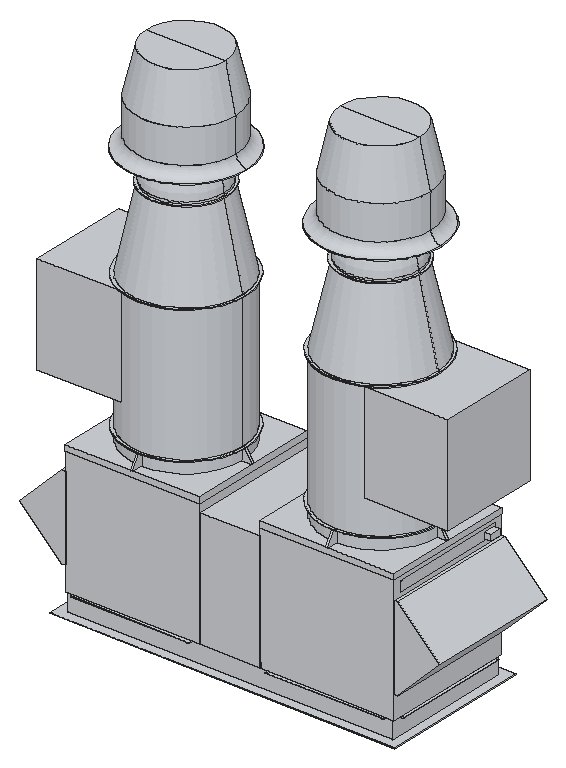
Revit family "QMXVP_with_1X2_Mixing_Box_Ends", category Mechanical Equipment, Revit 2019 (continued)
Types (225): name | UNIT_RADIUS+4" | UNIT_RADIUS*.6 | UNIT_RADIUS | UNIT_RAD+((A/2)+.25")+4" | UNIT_RAD+((A/2)+.25") | UNIT_OD | UNIT_HEIGHT*.75 | UNIT_HEIGHT | TYPE | TRANSITION_TOP | RO2/2 | RO/2 | RO | NOZZLE_WB_RAD-2" | NOZZLE_WB_RAD | NOZZLE_WB/4 | NOZZLE_TOP_RAD | NOZZLE_TOP_OD | NOZZLE_SIZE | NOZZLE_HEIGHT/7*2 | NOZZLE_HEIGHT | NOZZLE_BOTTOM_RAD | NOZZLE_WB_OD | NOZZLE_BOTTOM_ID | MB_HT/2 | MB_HT-2.75" | MB_HT+.25" | MB_HT | MB_A | LONG_RO/2 | LONG_RO | GA | E | DUAL_G | DUAL_F+1" | DUAL_F | C/2 | C | B/2 | B | A/2 | A+.5 | A | Type Comments | Model | -A | (NOZZLE_WB_OD-NOZZLE_TOP_OD)/2 | (NOZZLE_HEIGHT-(NOZZLE_HEIGHT/8*2))/2 | (A/2)-2" | (A/2)-.5" | (A/2)+.5" | (A/2)+.25"
  202_QMXVP-18L-1X2_Mixing_Box_Ends | 18 3/8" | 12 15/16" | 14 3/8" | 37 5/8" | 33 5/8" | 28 3/4" | 28 1/8" | 37 1/2" | 0" | 51 5/8" | 15 3/8" | 15 3/8" | 30 3/4" | 19 1/2" | 21 1/2" | 8.6" | 13 3/4" | 27 1/2" | 216" | 12" | 48" | 12 13/16" | 43" | 25 5/8" | 20 19/32" | 38 7/16" | 41 7/16" | 41 3/16" | 49" | 41 7/16" | 82 7/8" | 27/256" | 36 15/16" | 89 1/8" | 91" | 90" | 25" | 50" | 52" | 104" | 19" | 38 1/2" | 38" | "Vari-Plume Laboratory Exhaust Mixed-Flow Inline Belt Drive With 1X2 Mixing Box With Weather Hoods On Sides\r\n" | "QMXVP-1X2_Mixing Box_Sides" | -38" | 3 7/8" | 18" | 17" | -18 1/2" | -19 1/2" | 19 1/4"
  202_QMXVP-18H-1X2_Mixing_Box_Ends | 18 3/8" | 12 15/16" | 14 3/8" | 37 5/8" | 33 5/8" | 28 3/4" | 28 1/8" | 37 1/2" | 0" | 51 5/8" | 15 3/8" | 15 3/8" | 30 3/4" | 19 1/2" | 21 1/2" | 8.6" | 13 3/4" | 27 1/2" | 216" | 12" | 48" | 12 13/16" | 43" | 25 5/8" | 20 19/32" | 38 7/16" | 41 7/16" | 41 3/16" | 49" | 41 7/16" | 82 7/8" | 27/256" | 36 15/16" | 89 1/8" | 91" | 90" | 25" | 50" | 52" | 104" | 19" | 38 1/2" | 38" | "Vari-Plume Laboratory Exhaust Mixed-Flow Inline Belt Drive With 1X2 Mixing Box With Weather Hoods On Sides\r\n" | "QMXVP-1X2_Mixing Box_Sides" | -38" | 3 7/8" | 18" | 17" | -18 1/2" | -19 1/2" | 19 1/4"
  225_QMXVP-12L-1X2_Mixing_Box_Ends | 19 31/32" | 14.37188" | 15 31/32" | 41 7/32" | 37 7/32" | 31 15/16" | 30 3/4" | 41" | 0" | 77 1/16" | 17 3/8" | 17 3/8" | 34 3/4" | 12" | 14" | 5.6" | 9 3/4" | 19 1/2" | 144" | 8" | 32" | 8 17/32" | 28" | 17 1/16" | 21 19/32" | 40 7/16" | 43 7/16" | 43 3/16" | 54" | 42 15/16" | 85 7/8" | 27/256" | 40 15/16" | 92 1/8" | 94" | 93" | 28" | 56" | 56 1/2" | 113" | 21" | 42 1/2" | 42" | "Vari-Plume Laboratory Exhaust Mixed-Flow Inline Belt Drive With 1X2 Mixing Box With Weather Hoods On Sides\r\n" | "QMXVP-1X2_Mixing Box_Sides" | -42" | 2 1/8" | 12" | 19" | -20 1/2" | -21 1/2" | 21 1/4"
  225_QMXVP-12H-1X2_Mixing_Box_Ends | 19 31/32" | 14.37188" | 15 31/32" | 41 7/32" | 37 7/32" | 31 15/16" | 30 3/4" | 41" | 0" | 77 1/16" | 17 3/8" | 17 3/8" | 34 3/4" | 12" | 14" | 5.6" | 9 3/4" | 19 1/2" | 144" | 8" | 32" | 8 17/32" | 28" | 17 1/16" | 21 19/32" | 40 7/16" | 43 7/16" | 43 3/16" | 54" | 42 15/16" | 85 7/8" | 27/256" | 40 15/16" | 92 1/8" | 94" | 93" | 28" | 56" | 56 1/2" | 113" | 21" | 42 1/2" | 42" | "Vari-Plume Laboratory Exhaust Mixed-Flow Inline Belt Drive With 1X2 Mixing Box With Weather Hoods On Sides\r\n" | "QMXVP-1X2_Mixing Box_Sides" | -42" | 2 1/8" | 12" | 19" | -20 1/2" | -21 1/2" | 21 1/4"
  225_QMXVP-15L-1X2_Mixing_Box_Ends | 19 31/32" | 14.37188" | 15 31/32" | 41 7/32" | 37 7/32" | 31 15/16" | 30 3/4" | 41" | 0" | 69 1/8" | 17 3/8" | 17 3/8" | 34 3/4" | 16" | 18" | 7.2" | 11 1/2" | 23" | 180" | 10 3/4" | 43" | 10 11/16" | 36" | 21 3/8" | 21 19/32" | 40 7/16" | 43 7/16" | 43 3/16" | 54" | 42 15/16" | 85 7/8" | 27/256" | 40 15/16" | 92 1/8" | 94" | 93" | 28" | 56" | 56 1/2" | 113" | 21" | 42 1/2" | 42" | "Vari-Plume Laboratory Exhaust Mixed-Flow Inline Belt Drive With 1X2 Mixing Box With Weather Hoods On Sides\r\n" | "QMXVP-1X2_Mixing Box_Sides" | -42" | 3 1/4" | 16 1/8" | 19" | -20 1/2" | -21 1/2" | 21 1/4"
  225_QMXVP-15H-1X2_Mixing_Box_Ends | 19 31/32" | 14.37188" | 15 31/32" | 41 7/32" | 37 7/32" | 31 15/16" | 30 3/4" | 41" | 0" | 69 1/8" | 17 3/8" | 17 3/8" | 34 3/4" | 16" | 18" | 7.2" | 11 1/2" | 23" | 180" | 10 3/4" | 43" | 10 11/16" | 36" | 21 3/8" | 21 19/32" | 40 7/16" | 43 7/16" | 43 3/16" | 54" | 42 15/16" | 85 7/8" | 27/256" | 40 15/16" | 92 1/8" | 94" | 93" | 28" | 56" | 56 1/2" | 113" | 21" | 42 1/2" | 42" | "Vari-Plume Laboratory Exhaust Mixed-Flow Inline Belt Drive With 1X2 Mixing Box With Weather Hoods On Sides\r\n" | "QMXVP-1X2_Mixing Box_Sides" | -42" | 3 1/4" | 16 1/8" | 19" | -20 1/2" | -21 1/2" | 21 1/4"
  225_QMXVP-18L-1X2_Mixing_Box_Ends | 19 31/32" | 14.37188" | 15 31/32" | 41 7/32" | 37 7/32" | 31 15/16" | 30 3/4" | 41" | 0" | 61 1/8" | 17 3/8" | 17 3/8" | 34 3/4" | 19 1/2" | 21 1/2" | 8.6" | 13 3/4" | 27 1/2" | 216" | 12" | 48" | 12 13/16" | 43" | 25 5/8" | 21 19/32" | 40 7/16" | 43 7/16" | 43 3/16" | 54" | 42 15/16" | 85 7/8" | 27/256" | 40 15/16" | 92 1/8" | 94" | 93" | 28" | 56" | 56 1/2" | 113" | 21" | 42 1/2" | 42" | "Vari-Plume Laboratory Exhaust Mixed-Flow Inline Belt Drive With 1X2 Mixing Box With Weather Hoods On Sides\r\n" | "QMXVP-1X2_Mixing Box_Sides" | -42" | 3 7/8" | 18" | 19" | -20 1/2" | -21 1/2" | 21 1/4"
  245_QMXVP-15L-1X2_Mixing_Box_Ends | 21 3/8" | 15.6375" | 17 3/8" | 43 5/8" | 39 5/8" | 34 3/4" | 33 3/8" | 44 1/2" | 0" | 77 11/16" | 18 3/8" | 18 3/8" | 36 3/4" | 16" | 18" | 7.2" | 11 1/2" | 23" | 180" | 10 3/4" | 43" | 10 11/16" | 36" | 21 3/8" | 22 23/32" | 42 11/16" | 45 11/16" | 45 7/16" | 57" | 50 7/16" | 100 7/8" | 27/256" | 42 15/16" | 107 1/8" | 109" | 108" | 29 1/2" | 59" | 60 1/2" | 121" | 22" | 44 1/2" | 44" | "Vari-Plume Laboratory Exhaust Mixed-Flow Inline Belt Drive With 1X2 Mixing Box With Weather Hoods On Sides\r\n" | "QMXVP-1X2_Mixing Box_Sides" | -44" | 3 1/4" | 16 1/8" | 20" | -21 1/2" | -22 1/2" | 22 1/4"
  245_QMXVP-15H-1X2_Mixing_Box_Ends | 21 3/8" | 15.6375" | 17 3/8" | 43 5/8" | 39 5/8" | 34 3/4" | 33 3/8" | 44 1/2" | 0" | 77 11/16" | 18 3/8" | 18 3/8" | 36 3/4" | 16" | 18" | 7.2" | 11 1/2" | 23" | 180" | 10 3/4" | 43" | 10 11/16" | 36" | 21 3/8" | 22 23/32" | 42 11/16" | 45 11/16" | 45 7/16" | 57" | 50 7/16" | 100 7/8" | 27/256" | 42 15/16" | 107 1/8" | 109" | 108" | 29 1/2" | 59" | 60 1/2" | 121" | 22" | 44 1/2" | 44" | "Vari-Plume Laboratory Exhaust Mixed-Flow Inline Belt Drive With 1X2 Mixing Box With Weather Hoods On Sides\r\n" | "QMXVP-1X2_Mixing Box_Sides" | -44" | 3 1/4" | 16 1/8" | 20" | -21 1/2" | -22 1/2" | 22 1/4"
  245_QMXVP-18L-1X2_Mixing_Box_Ends | 21 3/8" | 15.6375" | 17 3/8" | 43 5/8" | 39 5/8" | 34 3/4" | 33 3/8" | 44 1/2" | 0" | 69 11/16" | 18 3/8" | 18 3/8" | 36 3/4" | 19 1/2" | 21 1/2" | 8.6" | 13 3/4" | 27 1/2" | 216" | 12" | 48" | 12 13/16" | 43" | 25 5/8" | 22 23/32" | 42 11/16" | 45 11/16" | 45 7/16" | 57" | 50 7/16" | 100 7/8" | 27/256" | 42 15/16" | 107 1/8" | 109" | 108" | 29 1/2" | 59" | 60 1/2" | 121" | 22" | 44 1/2" | 44" | "Vari-Plume Laboratory Exhaust Mixed-Flow Inline Belt Drive With 1X2 Mixing Box With Weather Hoods On Sides\r\n" | "QMXVP-1X2_Mixing Box_Sides" | -44" | 3 7/8" | 18" | 20" | -21 1/2" | -22 1/2" | 22 1/4"
  245_QMXVP-18H-1X2_Mixing_Box_Ends | 21 3/8" | 15.6375" | 17 3/8" | 43 5/8" | 39 5/8" | 34 3/4" | 33 3/8" | 44 1/2" | 0" | 69 11/16" | 18 3/8" | 18 3/8" | 36 3/4" | 19 1/2" | 21 1/2" | 8.6" | 13 3/4" | 27 1/2" | 216" | 12" | 48" | 12 13/16" | 43" | 25 5/8" | 22 23/32" | 42 11/16" | 45 11/16" | 45 7/16" | 57" | 50 7/16" | 100 7/8" | 27/256" | 42 15/16" | 107 1/8" | 109" | 108" | 29 1/2" | 59" | 60 1/2" | 121" | 22" | 44 1/2" | 44" | "Vari-Plume Laboratory Exhaust Mixed-Flow Inline Belt Drive With 1X2 Mixing Box With Weather Hoods On Sides\r\n" | "QMXVP-1X2_Mixing Box_Sides" | -44" | 3 7/8" | 18" | 20" | -21 1/2" | -22 1/2" | 22 1/4"
  245_QMXVP-24L-1X2_Mixing_Box_Ends | 21 3/8" | 15.6375" | 17 3/8" | 43 5/8" | 39 5/8" | 34 3/4" | 33 3/8" | 44 1/2" | 0" | 57 3/4" | 18 3/8" | 18 3/8" | 36 3/4" | 28 1/2" | 30 1/2" | 12.2" | 18 1/4" | 36 1/2" | 288" | 15 1/2" | 62" | 17 3/8" | 61" | 34 3/4" | 22 23/32" | 42 11/16" | 45 11/16" | 45 7/16" | 57" | 50 7/16" | 100 7/8" | 27/256" | 42 15/16" | 107 1/8" | 109" | 108" | 29 1/2" | 59" | 60 1/2" | 121" | 22" | 44 1/2" | 44" | "Vari-Plume Laboratory Exhaust Mixed-Flow Inline Belt Drive With 1X2 Mixing Box With Weather Hoods On Sides\r\n" | "QMXVP-1X2_Mixing Box_Sides" | -44" | 6 1/8" | 23 1/4" | 20" | -21 1/2" | -22 1/2" | 22 1/4"
  245_QMXVP-24H-1X2_Mixing_Box_Ends | 21 3/8" | 15.6375" | 17 3/8" | 43 5/8" | 39 5/8" | 34 3/4" | 33 3/8" | 44 1/2" | 0" | 57 3/4" | 18 3/8" | 18 3/8" | 36 3/4" | 28 1/2" | 30 1/2" | 12.2" | 18 1/4" | 36 1/2" | 288" | 15 1/2" | 62" | 17 3/8" | 61" | 34 3/4" | 22 23/32" | 42 11/16" | 45 11/16" | 45 7/16" | 57" | 50 7/16" | 100 7/8" | 27/256" | 42 15/16" | 107 1/8" | 109" | 108" | 29 1/2" | 59" | 60 1/2" | 121" | 22" | 44 1/2" | 44" | "Vari-Plume Laboratory Exhaust Mixed-Flow Inline Belt Drive With 1X2 Mixing Box With Weather Hoods On Sides\r\n" | "QMXVP-1X2_Mixing Box_Sides" | -44" | 6 1/8" | 23 1/4" | 20" | -21 1/2" | -22 1/2" | 22 1/4"
  270_QMXVP-15L-1X2_Mixing_Box_Ends | 23 5/32" | 17.24063" | 19 5/32" | 47 13/32" | 43 13/32" | 38 5/16" | 35 1/4" | 47" | 0" | 86 3/16" | 20 3/8" | 20 3/8" | 40 3/4" | 16" | 18" | 7.2" | 11 1/2" | 23" | 180" | 10 3/4" | 43" | 10 11/16" | 36" | 21 3/8" | 23 19/32" | 44 7/16" | 47 7/16" | 47 3/16" | 62" | 52 7/16" | 104 7/8" | 27/256" | 46 15/16" | 111 1/8" | 113" | 112" | 31 1/2" | 63" | 64" | 128" | 24" | 48 1/2" | 48" | "Vari-Plume Laboratory Exhaust Mixed-Flow Inline Belt Drive With 1X2 Mixing Box With Weather Hoods On Sides\r\n" | "QMXVP-1X2_Mixing Box_Sides" | -48" | 3 1/4" | 16 1/8" | 22" | -23 1/2" | -24 1/2" | 24 1/4"
  270_QMXVP-15H-1X2_Mixing_Box_Ends | 23 5/32" | 17.24063" | 19 5/32" | 47 13/32" | 43 13/32" | 38 5/16" | 35 1/4" | 47" | 0" | 86 3/16" | 20 3/8" | 20 3/8" | 40 3/4" | 16" | 18" | 7.2" | 11 1/2" | 23" | 180" | 10 3/4" | 43" | 10 11/16" | 36" | 21 3/8" | 23 19/32" | 44 7/16" | 47 7/16" | 47 3/16" | 62" | 52 7/16" | 104 7/8" | 27/256" | 46 15/16" | 111 1/8" | 113" | 112" | 31 1/2" | 63" | 64" | 128" | 24" | 48 1/2" | 48" | "Vari-Plume Laboratory Exhaust Mixed-Flow Inline Belt Drive With 1X2 Mixing Box With Weather Hoods On Sides\r\n" | "QMXVP-1X2_Mixing Box_Sides" | -48" | 3 1/4" | 16 1/8" | 22" | -23 1/2" | -24 1/2" | 24 1/4"
  270_QMXVP-18L-1X2_Mixing_Box_Ends | 23 5/32" | 17.24063" | 19 5/32" | 47 13/32" | 43 13/32" | 38 5/16" | 35 1/4" | 47" | 0" | 79 3/16" | 20 3/8" | 20 3/8" | 40 3/4" | 19 1/2" | 21 1/2" | 8.6" | 13 3/4" | 27 1/2" | 216" | 12" | 48" | 12 13/16" | 43" | 25 5/8" | 23 19/32" | 44 7/16" | 47 7/16" | 47 3/16" | 62" | 52 7/16" | 104 7/8" | 27/256" | 46 15/16" | 111 1/8" | 113" | 112" | 31 1/2" | 63" | 64" | 128" | 24" | 48 1/2" | 48" | "Vari-Plume Laboratory Exhaust Mixed-Flow Inline Belt Drive With 1X2 Mixing Box With Weather Hoods On Sides\r\n" | "QMXVP-1X2_Mixing Box_Sides" | -48" | 3 7/8" | 18" | 22" | -23 1/2" | -24 1/2" | 24 1/4"
  270_QMXVP-18H-1X2_Mixing_Box_Ends | 23 5/32" | 17.24063" | 19 5/32" | 47 13/32" | 43 13/32" | 38 5/16" | 35 1/4" | 47" | 0" | 79 3/16" | 20 3/8" | 20 3/8" | 40 3/4" | 19 1/2" | 21 1/2" | 8.6" | 13 3/4" | 27 1/2" | 216" | 12" | 48" | 12 13/16" | 43" | 25 5/8" | 23 19/32" | 44 7/16" | 47 7/16" | 47 3/16" | 62" | 52 7/16" | 104 7/8" | 27/256" | 46 15/16" | 111 1/8" | 113" | 112" | 31 1/2" | 63" | 64" | 128" | 24" | 48 1/2" | 48" | "Vari-Plume Laboratory Exhaust Mixed-Flow Inline Belt Drive With 1X2 Mixing Box With Weather Hoods On Sides\r\n" | "QMXVP-1X2_Mixing Box_Sides" | -48" | 3 7/8" | 18" | 22" | -23 1/2" | -24 1/2" | 24 1/4"
  270_QMXVP-24L-1X2_Mixing_Box_Ends | 23 5/32" | 17.24063" | 19 5/32" | 47 13/32" | 43 13/32" | 38 5/16" | 35 1/4" | 47" | 0" | 62 1/4" | 20 3/8" | 20 3/8" | 40 3/4" | 28 1/2" | 30 1/2" | 12.2" | 18 1/4" | 36 1/2" | 288" | 15 1/2" | 62" | 17 3/8" | 61" | 34 3/4" | 23 19/32" | 44 7/16" | 47 7/16" | 47 3/16" | 62" | 52 7/16" | 104 7/8" | 27/256" | 46 15/16" | 111 1/8" | 113" | 112" | 31 1/2" | 63" | 64" | 128" | 24" | 48 1/2" | 48" | "Vari-Plume Laboratory Exhaust Mixed-Flow Inline Belt Drive With 1X2 Mixing Box With Weather Hoods On Sides\r\n" | "QMXVP-1X2_Mixing Box_Sides" | -48" | 6 1/8" | 23 1/4" | 22" | -23 1/2" | -24 1/2" | 24 1/4"
  270_QMXVP-24H-1X2_Mixing_Box_Ends | 23 5/32" | 17.24063" | 19 5/32" | 47 13/32" | 43 13/32" | 38 5/16" | 35 1/4" | 47" | 0" | 62 1/4" | 20 3/8" | 20 3/8" | 40 3/4" | 28 1/2" | 30 1/2" | 12.2" | 18 1/4" | 36 1/2" | 288" | 15 1/2" | 62" | 17 3/8" | 61" | 34 3/4" | 23 19/32" | 44 7/16" | 47 7/16" | 47 3/16" | 62" | 52 7/16" | 104 7/8" | 27/256" | 46 15/16" | 111 1/8" | 113" | 112" | 31 1/2" | 63" | 64" | 128" | 24" | 48 1/2" | 48" | "Vari-Plume Laboratory Exhaust Mixed-Flow Inline Belt Drive With 1X2 Mixing Box With Weather Hoods On Sides\r\n" | "QMXVP-1X2_Mixing Box_Sides" | -48" | 6 1/8" | 23 1/4" | 22" | -23 1/2" | -24 1/2" | 24 1/4"
  300_QMXVP-18L-1X2_Mixing_Box_Ends | 25 1/4" | 19 1/8" | 21 1/4" | 51 1/2" | 47 1/2" | 42 1/2" | 40 1/2" | 54" | 0" | 94 3/16" | 22 3/8" | 22 3/8" | 44 3/4" | 19 1/2" | 21 1/2" | 8.6" | 13 3/4" | 27 1/2" | 216" | 12" | 48" | 12 13/16" | 43" | 25 5/8" | 25 7/32" | 47 11/16" | 50 11/16" | 50 7/16" | 68" | 62 7/16" | 124 7/8" | 27/256" | 50 15/16" | 131 1/8" | 133" | 132" | 33 1/2" | 67" | 74" | 148" | 26" | 52 1/2" | 52" | "Vari-Plume Laboratory Exhaust Mixed-Flow Inline Belt Drive With 1X2 Mixing Box With Weather Hoods On Sides\r\n" | "QMXVP-1X2_Mixing Box_Sides" | -52" | 3 7/8" | 18" | 24" | -25 1/2" | -26 1/2" | 26 1/4"
  300_QMXVP-18H-1X2_Mixing_Box_Ends | 25 1/4" | 19 1/8" | 21 1/4" | 51 1/2" | 47 1/2" | 42 1/2" | 40 1/2" | 54" | 0" | 94 3/16" | 22 3/8" | 22 3/8" | 44 3/4" | 19 1/2" | 21 1/2" | 8.6" | 13 3/4" | 27 1/2" | 216" | 12" | 48" | 12 13/16" | 43" | 25 5/8" | 25 7/32" | 47 11/16" | 50 11/16" | 50 7/16" | 68" | 62 7/16" | 124 7/8" | 27/256" | 50 15/16" | 131 1/8" | 133" | 132" | 33 1/2" | 67" | 74" | 148" | 26" | 52 1/2" | 52" | "Vari-Plume Laboratory Exhaust Mixed-Flow Inline Belt Drive With 1X2 Mixing Box With Weather Hoods On Sides\r\n" | "QMXVP-1X2_Mixing Box_Sides" | -52" | 3 7/8" | 18" | 24" | -25 1/2" | -26 1/2" | 26 1/4"
  300_QMXVP-24L-1X2_Mixing_Box_Ends | 25 1/4" | 19 1/8" | 21 1/4" | 51 1/2" | 47 1/2" | 42 1/2" | 40 1/2" | 54" | 0" | 77 1/4" | 22 3/8" | 22 3/8" | 44 3/4" | 28 1/2" | 30 1/2" | 12.2" | 18 1/4" | 36 1/2" | 288" | 15 1/2" | 62" | 17 3/8" | 61" | 34 3/4" | 25 7/32" | 47 11/16" | 50 11/16" | 50 7/16" | 68" | 62 7/16" | 124 7/8" | 27/256" | 50 15/16" | 131 1/8" | 133" | 132" | 33 1/2" | 67" | 74" | 148" | 26" | 52 1/2" | 52" | "Vari-Plume Laboratory Exhaust Mixed-Flow Inline Belt Drive With 1X2 Mixing Box With Weather Hoods On Sides\r\n" | "QMXVP-1X2_Mixing Box_Sides" | -52" | 6 1/8" | 23 1/4" | 24" | -25 1/2" | -26 1/2" | 26 1/4"
  300_QMXVP-24H-1X2_Mixing_Box_Ends | 25 1/4" | 19 1/8" | 21 1/4" | 51 1/2" | 47 1/2" | 42 1/2" | 40 1/2" | 54" | 0" | 77 1/4" | 22 3/8" | 22 3/8" | 44 3/4" | 28 1/2" | 30 1/2" | 12.2" | 18 1/4" | 36 1/2" | 288" | 15 1/2" | 62" | 17 3/8" | 61" | 34 3/4" | 25 7/32" | 47 11/16" | 50 11/16" | 50 7/16" | 68" | 62 7/16" | 124 7/8" | 27/256" | 50 15/16" | 131 1/8" | 133" | 132" | 33 1/2" | 67" | 74" | 148" | 26" | 52 1/2" | 52" | "Vari-Plume Laboratory Exhaust Mixed-Flow Inline Belt Drive With 1X2 Mixing Box With Weather Hoods On Sides\r\n" | "QMXVP-1X2_Mixing Box_Sides" | -52" | 6 1/8" | 23 1/4" | 24" | -25 1/2" | -26 1/2" | 26 1/4"
  300_QMXVP-30L-1X2_Mixing_Box_Ends | 25 1/4" | 19 1/8" | 21 1/4" | 51 1/2" | 47 1/2" | 42 1/2" | 40 1/2" | 54" | 0" | 68 1/4" | 22 3/8" | 22 3/8" | 44 3/4" | 35" | 37" | 14.8" | 22 3/4" | 45 1/2" | 360" | 19 1/2" | 78" | 21 1/4" | 74" | 42 1/2" | 25 7/32" | 47 11/16" | 50 11/16" | 50 7/16" | 68" | 62 7/16" | 124 7/8" | 27/256" | 50 15/16" | 131 1/8" | 133" | 132" | 33 1/2" | 67" | 74" | 148" | 26" | 52 1/2" | 52" | "Vari-Plume Laboratory Exhaust Mixed-Flow Inline Belt Drive With 1X2 Mixing Box With Weather Hoods On Sides\r\n" | "QMXVP-1X2_Mixing Box_Sides" | -52" | 7 1/8" | 29 1/4" | 24" | -25 1/2" | -26 1/2" | 26 1/4"
  300_QMXVP-30H-1X2_Mixing_Box_Ends | 25 1/4" | 19 1/8" | 21 1/4" | 51 1/2" | 47 1/2" | 42 1/2" | 40 1/2" | 54" | 0" | 68 1/4" | 22 3/8" | 22 3/8" | 44 3/4" | 35" | 37" | 14.8" | 22 3/4" | 45 1/2" | 360" | 19 1/2" | 78" | 21 1/4" | 74" | 42 1/2" | 25 7/32" | 47 11/16" | 50 11/16" | 50 7/16" | 68" | 62 7/16" | 124 7/8" | 27/256" | 50 15/16" | 131 1/8" | 133" | 132" | 33 1/2" | 67" | 74" | 148" | 26" | 52 1/2" | 52" | "Vari-Plume Laboratory Exhaust Mixed-Flow Inline Belt Drive With 1X2 Mixing Box With Weather Hoods On Sides\r\n" | "QMXVP-1X2_Mixing Box_Sides" | -52" | 7 1/8" | 29 1/4" | 24" | -25 1/2" | -26 1/2" | 26 1/4"
  330_QMXVP-24L-1X2_Mixing_Box_Ends | 27 3/8" | 21.0375" | 23 3/8" | 55 5/8" | 51 5/8" | 46 3/4" | 43 7/8" | 58 1/2" | 0" | 89 3/4" | 24 5/16" | 24 5/16" | 48 5/8" | 28 1/2" | 30 1/2" | 12.2" | 18 1/4" | 36 1/2" | 288" | 15 1/2" | 62" | 17 3/8" | 61" | 34 3/4" | 26 27/32" | 50 15/16" | 53 15/16" | 53 11/16" | 73" | 64 7/16" | 128 7/8" | 27/256" | 54 13/16" | 135 1/8" | 137" | 136" | 36 1/2" | 73" | 77" | 154" | 28" | 56 1/2" | 56" | "Vari-Plume Laboratory Exhaust Mixed-Flow Inline Belt Drive With 1X2 Mixing Box With Weather Hoods On Sides\r\n" | "QMXVP-1X2_Mixing Box_Sides" | -56" | 6 1/8" | 23 1/4" | 26" | -27 1/2" | -28 1/2" | 28 1/4"
  330_QMXVP-24H-1X2_Mixing_Box_Ends | 27 3/8" | 21.0375" | 23 3/8" | 55 5/8" | 51 5/8" | 46 3/4" | 43 7/8" | 58 1/2" | 0" | 89 3/4" | 24 5/16" | 24 5/16" | 48 5/8" | 28 1/2" | 30 1/2" | 12.2" | 18 1/4" | 36 1/2" | 288" | 15 1/2" | 62" | 17 3/8" | 61" | 34 3/4" | 26 27/32" | 50 15/16" | 53 15/16" | 53 11/16" | 73" | 64 7/16" | 128 7/8" | 27/256" | 54 13/16" | 135 1/8" | 137" | 136" | 36 1/2" | 73" | 77" | 154" | 28" | 56 1/2" | 56" | "Vari-Plume Laboratory Exhaust Mixed-Flow Inline Belt Drive With 1X2 Mixing Box With Weather Hoods On Sides\r\n" | "QMXVP-1X2_Mixing Box_Sides" | -56" | 6 1/8" | 23 1/4" | 26" | -27 1/2" | -28 1/2" | 28 1/4"
  330_QMXVP-30L-1X2_Mixing_Box_Ends | 27 3/8" | 21.0375" | 23 3/8" | 55 5/8" | 51 5/8" | 46 3/4" | 43 7/8" | 58 1/2" | 0" | 74 3/4" | 24 5/16" | 24 5/16" | 48 5/8" | 35" | 37" | 14.8" | 22 3/4" | 45 1/2" | 360" | 19 1/2" | 78" | 21 1/4" | 74" | 42 1/2" | 26 27/32" | 50 15/16" | 53 15/16" | 53 11/16" | 73" | 64 7/16" | 128 7/8" | 27/256" | 54 13/16" | 135 1/8" | 137" | 136" | 36 1/2" | 73" | 77" | 154" | 28" | 56 1/2" | 56" | "Vari-Plume Laboratory Exhaust Mixed-Flow Inline Belt Drive With 1X2 Mixing Box With Weather Hoods On Sides\r\n" | "QMXVP-1X2_Mixing Box_Sides" | -56" | 7 1/8" | 29 1/4" | 26" | -27 1/2" | -28 1/2" | 28 1/4"
  330_QMXVP-30H-1X2_Mixing_Box_Ends | 27 3/8" | 21.0375" | 23 3/8" | 55 5/8" | 51 5/8" | 46 3/4" | 43 7/8" | 58 1/2" | 0" | 74 3/4" | 24 5/16" | 24 5/16" | 48 5/8" | 35" | 37" | 14.8" | 22 3/4" | 45 1/2" | 360" | 19 1/2" | 78" | 21 1/4" | 74" | 42 1/2" | 26 27/32" | 50 15/16" | 53 15/16" | 53 11/16" | 73" | 64 7/16" | 128 7/8" | 27/256" | 54 13/16" | 135 1/8" | 137" | 136" | 36 1/2" | 73" | 77" | 154" | 28" | 56 1/2" | 56" | "Vari-Plume Laboratory Exhaust Mixed-Flow Inline Belt Drive With 1X2 Mixing Box With Weather Hoods On Sides\r\n" | "QMXVP-1X2_Mixing Box_Sides" | -56" | 7 1/8" | 29 1/4" | 26" | -27 1/2" | -28 1/2" | 28 1/4"
  365_QMXVP-24L-1X2_Mixing_Box_Ends | 29 7/8" | 23.2875" | 25 7/8" | 61 1/8" | 57 1/8" | 51 3/4" | 48" | 64" | 0" | 104 1/4" | 27 1/4" | 27 1/4" | 54 1/2" | 28 1/2" | 30 1/2" | 12.2" | 18 1/4" | 36 1/2" | 288" | 15 1/2" | 62" | 17 3/8" | 61" | 34 3/4" | 29 27/32" | 56 15/16" | 59 15/16" | 59 11/16" | 82" | 75 7/8" | 151 3/4" | 27/256" | 60 3/4" | 158" | 160" | 159" | 39 1/2" | 79" | 87 1/2" | 175" | 31" | 62 1/2" | 62" | "Vari-Plume Laboratory Exhaust Mixed-Flow Inline Belt Drive With 1X2 Mixing Box With Weather Hoods On Sides\r\n" | "QMXVP-1X2_Mixing Box_Sides" | -62" | 6 1/8" | 23 1/4" | 29" | -30 1/2" | -31 1/2" | 31 1/4"
  365_QMXVP-24H-1X2_Mixing_Box_Ends | 29 7/8" | 23.2875" | 25 7/8" | 61 1/8" | 57 1/8" | 51 3/4" | 48" | 64" | 0" | 104 1/4" | 27 1/4" | 27 1/4" | 54 1/2" | 28 1/2" | 30 1/2" | 12.2" | 18 1/4" | 36 1/2" | 288" | 15 1/2" | 62" | 17 3/8" | 61" | 34 3/4" | 29 27/32" | 56 15/16" | 59 15/16" | 59 11/16" | 82" | 75 7/8" | 151 3/4" | 27/256" | 60 3/4" | 158" | 160" | 159" | 39 1/2" | 79" | 87 1/2" | 175" | 31" | 62 1/2" | 62" | "Vari-Plume Laboratory Exhaust Mixed-Flow Inline Belt Drive With 1X2 Mixing Box With Weather Hoods On Sides\r\n" | "QMXVP-1X2_Mixing Box_Sides" | -62" | 6 1/8" | 23 1/4" | 29" | -30 1/2" | -31 1/2" | 31 1/4"
  365_QMXVP-30L-1X2_Mixing_Box_Ends | 29 7/8" | 23.2875" | 25 7/8" | 61 1/8" | 57 1/8" | 51 3/4" | 48" | 64" | 0" | 89 1/2" | 27 1/4" | 27 1/4" | 54 1/2" | 35" | 37" | 14.8" | 22 3/4" | 45 1/2" | 360" | 19 1/2" | 78" | 21 1/4" | 74" | 42 1/2" | 29 27/32" | 56 15/16" | 59 15/16" | 59 11/16" | 82" | 75 7/8" | 151 3/4" | 27/256" | 60 3/4" | 158" | 160" | 159" | 39 1/2" | 79" | 87 1/2" | 175" | 31" | 62 1/2" | 62" | "Vari-Plume Laboratory Exhaust Mixed-Flow Inline Belt Drive With 1X2 Mixing Box With Weather Hoods On Sides\r\n" | "QMXVP-1X2_Mixing Box_Sides" | -62" | 7 1/8" | 29 1/4" | 29" | -30 1/2" | -31 1/2" | 31 1/4"
  365_QMXVP-30H-1X2_Mixing_Box_Ends | 29 7/8" | 23.2875" | 25 7/8" | 61 1/8" | 57 1/8" | 51 3/4" | 48" | 64" | 0" | 89 1/2" | 27 1/4" | 27 1/4" | 54 1/2" | 35" | 37" | 14.8" | 22 3/4" | 45 1/2" | 360" | 19 1/2" | 78" | 21 1/4" | 74" | 42 1/2" | 29 27/32" | 56 15/16" | 59 15/16" | 59 11/16" | 82" | 75 7/8" | 151 3/4" | 27/256" | 60 3/4" | 158" | 160" | 159" | 39 1/2" | 79" | 87 1/2" | 175" | 31" | 62 1/2" | 62" | "Vari-Plume Laboratory Exhaust Mixed-Flow Inline Belt Drive With 1X2 Mixing Box With Weather Hoods On Sides\r\n" | "QMXVP-1X2_Mixing Box_Sides" | -62" | 7 1/8" | 29 1/4" | 29" | -30 1/2" | -31 1/2" | 31 1/4"
  365_QMXVP-36L-1X2_Mixing_Box_Ends | 29 7/8" | 23.2875" | 25 7/8" | 61 1/8" | 57 1/8" | 51 3/4" | 48" | 64" | 0" | 78 1/4" | 27 1/4" | 27 1/4" | 54 1/2" | 43" | 45" | 18" | 29" | 58" | 432" | 23 3/4" | 95" | 25 7/8" | 90" | 51 3/4" | 29 27/32" | 56 15/16" | 59 15/16" | 59 11/16" | 82" | 75 7/8" | 151 3/4" | 27/256" | 60 3/4" | 158" | 160" | 159" | 39 1/2" | 79" | 87 1/2" | 175" | 31" | 62 1/2" | 62" | "Vari-Plume Laboratory Exhaust Mixed-Flow Inline Belt Drive With 1X2 Mixing Box With Weather Hoods On Sides\r\n" | "QMXVP-1X2_Mixing Box_Sides" | -62" | 8" | 35 5/8" | 29" | -30 1/2" | -31 1/2" | 31 1/4"
  402_QMXVP-24L-1X2_Mixing_Box_Ends | 32 15/32" | 25.62188" | 28 15/32" | 66 7/32" | 62 7/32" | 56 15/16" | 51 3/8" | 68 1/2" | 0" | 118 3/4" | 29 23/32" | 29 23/32" | 59 7/16" | 28 1/2" | 30 1/2" | 12.2" | 18 1/4" | 36 1/2" | 288" | 15 1/2" | 62" | 17 3/8" | 61" | 34 3/4" | 32 31/32" | 63 3/16" | 66 3/16" | 65 15/16" | 90" | 78 3/8" | 156 3/4" | 27/256" | 65 3/4" | 163" | 165" | 164" | 44" | 88" | 91 1/2" | 183" | 33 1/2" | 67 1/2" | 67" | "Vari-Plume Laboratory Exhaust Mixed-Flow Inline Belt Drive With 1X2 Mixing Box With Weather Hoods On Sides\r\n" | "QMXVP-1X2_Mixing Box_Sides" | -67" | 6 1/8" | 23 1/4" | 31 1/2" | -33" | -34" | 33 3/4"
  402_QMXVP-24H-1X2_Mixing_Box_Ends | 32 15/32" | 25.62188" | 28 15/32" | 66 7/32" | 62 7/32" | 56 15/16" | 51 3/8" | 68 1/2" | 0" | 118 3/4" | 29 23/32" | 29 23/32" | 59 7/16" | 28 1/2" | 30 1/2" | 12.2" | 18 1/4" | 36 1/2" | 288" | 15 1/2" | 62" | 17 3/8" | 61" | 34 3/4" | 32 31/32" | 63 3/16" | 66 3/16" | 65 15/16" | 90" | 78 3/8" | 156 3/4" | 27/256" | 65 3/4" | 163" | 165" | 164" | 44" | 88" | 91 1/2" | 183" | 33 1/2" | 67 1/2" | 67" | "Vari-Plume Laboratory Exhaust Mixed-Flow Inline Belt Drive With 1X2 Mixing Box With Weather Hoods On Sides\r\n" | "QMXVP-1X2_Mixing Box_Sides" | -67" | 6 1/8" | 23 1/4" | 31 1/2" | -33" | -34" | 33 3/4"
  402_QMXVP-30L-1X2_Mixing_Box_Ends | 32 15/32" | 25.62188" | 28 15/32" | 66 7/32" | 62 7/32" | 56 15/16" | 51 3/8" | 68 1/2" | 0" | 103 3/4" | 29 23/32" | 29 23/32" | 59 7/16" | 35" | 37" | 14.8" | 22 3/4" | 45 1/2" | 360" | 19 1/2" | 78" | 21 1/4" | 74" | 42 1/2" | 32 31/32" | 63 3/16" | 66 3/16" | 65 15/16" | 90" | 78 3/8" | 156 3/4" | 27/256" | 65 3/4" | 163" | 165" | 164" | 44" | 88" | 91 1/2" | 183" | 33 1/2" | 67 1/2" | 67" | "Vari-Plume Laboratory Exhaust Mixed-Flow Inline Belt Drive With 1X2 Mixing Box With Weather Hoods On Sides\r\n" | "QMXVP-1X2_Mixing Box_Sides" | -67" | 7 1/8" | 29 1/4" | 31 1/2" | -33" | -34" | 33 3/4"
  402_QMXVP-30H-1X2_Mixing_Box_Ends | 32 15/32" | 25.62188" | 28 15/32" | 66 7/32" | 62 7/32" | 56 15/16" | 51 3/8" | 68 1/2" | 0" | 103 3/4" | 29 23/32" | 29 23/32" | 59 7/16" | 35" | 37" | 14.8" | 22 3/4" | 45 1/2" | 360" | 19 1/2" | 78" | 21 1/4" | 74" | 42 1/2" | 32 31/32" | 63 3/16" | 66 3/16" | 65 15/16" | 90" | 78 3/8" | 156 3/4" | 27/256" | 65 3/4" | 163" | 165" | 164" | 44" | 88" | 91 1/2" | 183" | 33 1/2" | 67 1/2" | 67" | "Vari-Plume Laboratory Exhaust Mixed-Flow Inline Belt Drive With 1X2 Mixing Box With Weather Hoods On Sides\r\n" | "QMXVP-1X2_Mixing Box_Sides" | -67" | 7 1/8" | 29 1/4" | 31 1/2" | -33" | -34" | 33 3/4"
  402_QMXVP-36L-1X2_Mixing_Box_Ends | 32 15/32" | 25.62188" | 28 15/32" | 66 7/32" | 62 7/32" | 56 15/16" | 51 3/8" | 68 1/2" | 0" | 86 3/4" | 29 23/32" | 29 23/32" | 59 7/16" | 43" | 45" | 18" | 29" | 58" | 432" | 23 3/4" | 95" | 25 7/8" | 90" | 51 3/4" | 32 31/32" | 63 3/16" | 66 3/16" | 65 15/16" | 90" | 78 3/8" | 156 3/4" | 27/256" | 65 3/4" | 163" | 165" | 164" | 44" | 88" | 91 1/2" | 183" | 33 1/2" | 67 1/2" | 67" | "Vari-Plume Laboratory Exhaust Mixed-Flow Inline Belt Drive With 1X2 Mixing Box With Weather Hoods On Sides\r\n" | "QMXVP-1X2_Mixing Box_Sides" | -67" | 8" | 35 5/8" | 31 1/2" | -33" | -34" | 33 3/4"
  402_QMXVP-36H-1X2_Mixing_Box_Ends | 32 15/32" | 25.62188" | 28 15/32" | 66 7/32" | 62 7/32" | 56 15/16" | 51 3/8" | 68 1/2" | 0" | 86 3/4" | 29 23/32" | 29 23/32" | 59 7/16" | 43" | 45" | 18" | 29" | 58" | 432" | 23 3/4" | 95" | 25 7/8" | 90" | 51 3/4" | 32 31/32" | 63 3/16" | 66 3/16" | 65 15/16" | 90" | 78 3/8" | 156 3/4" | 27/256" | 65 3/4" | 163" | 165" | 164" | 44" | 88" | 91 1/2" | 183" | 33 1/2" | 67 1/2" | 67" | "Vari-Plume Laboratory Exhaust Mixed-Flow Inline Belt Drive With 1X2 Mixing Box With Weather Hoods On Sides\r\n" | "QMXVP-1X2_Mixing Box_Sides" | -67" | 8" | 35 5/8" | 31 1/2" | -33" | -34" | 33 3/4"
  445_QMXVP-30L-1X2_Mixing_Box_Ends | 35 17/32" | 28.37813" | 31 17/32" | 72 25/32" | 68 25/32" | 63 1/16" | 55 1/2" | 74" | 0" | 121 1/4" | 33 7/32" | 33 7/32" | 66 7/16" | 35" | 37" | 14.8" | 22 3/4" | 45 1/2" | 360" | 19 1/2" | 78" | 21 1/4" | 74" | 42 1/2" | 37 27/32" | 72 15/16" | 75 15/16" | 75 11/16" | 102" | 81 7/8" | 163 3/4" | 27/256" | 72 5/8" | 170" | 172" | 171" | 47 1/2" | 95" | 100 1/2" | 201" | 37" | 74 1/2" | 74" | "Vari-Plume Laboratory Exhaust Mixed-Flow Inline Belt Drive With 1X2 Mixing Box With Weather Hoods On Sides\r\n" | "QMXVP-1X2_Mixing Box_Sides" | -74" | 7 1/8" | 29 1/4" | 35" | -36 1/2" | -37 1/2" | 37 1/4"
  445_QMXVP-30H-1X2_Mixing_Box_Ends | 35 17/32" | 28.37813" | 31 17/32" | 72 25/32" | 68 25/32" | 63 1/16" | 55 1/2" | 74" | 0" | 121 1/4" | 33 7/32" | 33 7/32" | 66 7/16" | 35" | 37" | 14.8" | 22 3/4" | 45 1/2" | 360" | 19 1/2" | 78" | 21 1/4" | 74" | 42 1/2" | 37 27/32" | 72 15/16" | 75 15/16" | 75 11/16" | 102" | 81 7/8" | 163 3/4" | 27/256" | 72 5/8" | 170" | 172" | 171" | 47 1/2" | 95" | 100 1/2" | 201" | 37" | 74 1/2" | 74" | "Vari-Plume Laboratory Exhaust Mixed-Flow Inline Belt Drive With 1X2 Mixing Box With Weather Hoods On Sides\r\n" | "QMXVP-1X2_Mixing Box_Sides" | -74" | 7 1/8" | 29 1/4" | 35" | -36 1/2" | -37 1/2" | 37 1/4"
  445_QMXVP-36L-1X2_Mixing_Box_Ends | 35 17/32" | 28.37813" | 31 17/32" | 72 25/32" | 68 25/32" | 63 1/16" | 55 1/2" | 74" | 0" | 103 1/4" | 33 7/32" | 33 7/32" | 66 7/16" | 43" | 45" | 18" | 29" | 58" | 432" | 23 3/4" | 95" | 25 7/8" | 90" | 51 3/4" | 37 27/32" | 72 15/16" | 75 15/16" | 75 11/16" | 102" | 81 7/8" | 163 3/4" | 27/256" | 72 5/8" | 170" | 172" | 171" | 47 1/2" | 95" | 100 1/2" | 201" | 37" | 74 1/2" | 74" | "Vari-Plume Laboratory Exhaust Mixed-Flow Inline Belt Drive With 1X2 Mixing Box With Weather Hoods On Sides\r\n" | "QMXVP-1X2_Mixing Box_Sides" | -74" | 8" | 35 5/8" | 35" | -36 1/2" | -37 1/2" | 37 1/4"
  445_QMXVP-36H-1X2_Mixing_Box_Ends | 35 17/32" | 28.37813" | 31 17/32" | 72 25/32" | 68 25/32" | 63 1/16" | 55 1/2" | 74" | 0" | 103 1/4" | 33 7/32" | 33 7/32" | 66 7/16" | 43" | 45" | 18" | 29" | 58" | 432" | 23 3/4" | 95" | 25 7/8" | 90" | 51 3/4" | 37 27/32" | 72 15/16" | 75 15/16" | 75 11/16" | 102" | 81 7/8" | 163 3/4" | 27/256" | 72 5/8" | 170" | 172" | 171" | 47 1/2" | 95" | 100 1/2" | 201" | 37" | 74 1/2" | 74" | "Vari-Plume Laboratory Exhaust Mixed-Flow Inline Belt Drive With 1X2 Mixing Box With Weather Hoods On Sides\r\n" | "QMXVP-1X2_Mixing Box_Sides" | -74" | 8" | 35 5/8" | 35" | -36 1/2" | -37 1/2" | 37 1/4"
  490_QMXVP-30L-1X2_Mixing_Box_Ends | 38 11/16" | 31 7/32" | 34 11/16" | 78 15/16" | 74 15/16" | 69 3/8" | 60 3/8" | 80 1/2" | 0" | 139 3/4" | 36 1/8" | 36 1/8" | 72 1/4" | 35" | 37" | 14.8" | 22 3/4" | 45 1/2" | 360" | 19 1/2" | 78" | 21 1/4" | 74" | 42 1/2" | 43 15/32" | 84 3/16" | 87 3/16" | 86 15/16" | 113" | 92 3/8" | 184 3/4" | 17/128" | 78 1/2" | 191" | 193" | 192" | 51 1/2" | 103" | 109 1/2" | 219" | 40" | 80 1/2" | 80" | "Vari-Plume Laboratory Exhaust Mixed-Flow Inline Belt Drive With 1X2 Mixing Box With Weather Hoods On Sides\r\n" | "QMXVP-1X2_Mixing Box_Sides" | -80" | 7 1/8" | 29 1/4" | 38" | -39 1/2" | -40 1/2" | 40 1/4"
  490_QMXVP-30H-1X2_Mixing_Box_Ends | 38 11/16" | 31 7/32" | 34 11/16" | 78 15/16" | 74 15/16" | 69 3/8" | 60 3/8" | 80 1/2" | 0" | 139 3/4" | 36 1/8" | 36 1/8" | 72 1/4" | 35" | 37" | 14.8" | 22 3/4" | 45 1/2" | 360" | 19 1/2" | 78" | 21 1/4" | 74" | 42 1/2" | 43 15/32" | 84 3/16" | 87 3/16" | 86 15/16" | 113" | 92 3/8" | 184 3/4" | 17/128" | 78 1/2" | 191" | 193" | 192" | 51 1/2" | 103" | 109 1/2" | 219" | 40" | 80 1/2" | 80" | "Vari-Plume Laboratory Exhaust Mixed-Flow Inline Belt Drive With 1X2 Mixing Box With Weather Hoods On Sides\r\n" | "QMXVP-1X2_Mixing Box_Sides" | -80" | 7 1/8" | 29 1/4" | 38" | -39 1/2" | -40 1/2" | 40 1/4"
  490_QMXVP-36L-1X2_Mixing_Box_Ends | 38 11/16" | 31 7/32" | 34 11/16" | 78 15/16" | 74 15/16" | 69 3/8" | 60 3/8" | 80 1/2" | 0" | 122 3/4" | 36 1/8" | 36 1/8" | 72 1/4" | 43" | 45" | 18" | 29" | 58" | 432" | 23 3/4" | 95" | 25 7/8" | 90" | 51 3/4" | 43 15/32" | 84 3/16" | 87 3/16" | 86 15/16" | 113" | 92 3/8" | 184 3/4" | 17/128" | 78 1/2" | 191" | 193" | 192" | 51 1/2" | 103" | 109 1/2" | 219" | 40" | 80 1/2" | 80" | "Vari-Plume Laboratory Exhaust Mixed-Flow Inline Belt Drive With 1X2 Mixing Box With Weather Hoods On Sides\r\n" | "QMXVP-1X2_Mixing Box_Sides" | -80" | 8" | 35 5/8" | 38" | -39 1/2" | -40 1/2" | 40 1/4"
  490_QMXVP-36H-1X2_Mixing_Box_Ends | 38 11/16" | 31 7/32" | 34 11/16" | 78 15/16" | 74 15/16" | 69 3/8" | 60 3/8" | 80 1/2" | 0" | 122 3/4" | 36 1/8" | 36 1/8" | 72 1/4" | 43" | 45" | 18" | 29" | 58" | 432" | 23 3/4" | 95" | 25 7/8" | 90" | 51 3/4" | 43 15/32" | 84 3/16" | 87 3/16" | 86 15/16" | 113" | 92 3/8" | 184 3/4" | 17/128" | 78 1/2" | 191" | 193" | 192" | 51 1/2" | 103" | 109 1/2" | 219" | 40" | 80 1/2" | 80" | "Vari-Plume Laboratory Exhaust Mixed-Flow Inline Belt Drive With 1X2 Mixing Box With Weather Hoods On Sides\r\n" | "QMXVP-1X2_Mixing Box_Sides" | -80" | 8" | 35 5/8" | 38" | -39 1/2" | -40 1/2" | 40 1/4"
  540_QMXVP-36L-1X2_Mixing_Box_Ends | 42 7/32" | 34.39688" | 38 7/32" | 87 15/32" | 83 15/32" | 76 7/16" | 65 1/4" | 87" | 0" | 142 1/4" | 41" | 39 9/16" | 79 1/8" | 43" | 45" | 18" | 29" | 58" | 432" | 23 3/4" | 95" | 25 7/8" | 90" | 51 3/4" | 49 27/32" | 96 15/16" | 99 15/16" | 99 11/16" | 126" | 97 5/16" | 194 5/8" | 17/128" | 85 3/8" | 200 7/8" | 203" | 202" | 55 1/2" | 111" | 119 1/2" | 239" | 45" | 90 1/2" | 90" | "Vari-Plume Laboratory Exhaust Mixed-Flow Inline Belt Drive With 1X2 Mixing Box With Weather Hoods On Sides\r\n" | "QMXVP-1X2_Mixing Box_Sides" | -90" | 8" | 35 5/8" | 43" | -44 1/2" | -45 1/2" | 45 1/4"
  540_QMXVP-36H-1X2_Mixing_Box_Ends | 42 7/32" | 34.39688" | 38 7/32" | 87 15/32" | 83 15/32" | 76 7/16" | 65 1/4" | 87" | 0" | 142 1/4" | 41" | 39 9/16" | 79 1/8" | 43" | 45" | 18" | 29" | 58" | 432" | 23 3/4" | 95" | 25 7/8" | 90" | 51 3/4" | 49 27/32" | 96 15/16" | 99 15/16" | 99 11/16" | 126" | 97 5/16" | 194 5/8" | 17/128" | 85 3/8" | 200 7/8" | 203" | 202" | 55 1/2" | 111" | 119 1/2" | 239" | 45" | 90 1/2" | 90" | "Vari-Plume Laboratory Exhaust Mixed-Flow Inline Belt Drive With 1X2 Mixing Box With Weather Hoods On Sides\r\n" | "QMXVP-1X2_Mixing Box_Sides" | -90" | 8" | 35 5/8" | 43" | -44 1/2" | -45 1/2" | 45 1/4"
  540_QMXVP-49L-1X2_Mixing_Box_Ends | 42 7/32" | 34.39688" | 38 7/32" | 87 15/32" | 83 15/32" | 76 7/16" | 65 1/4" | 87" | 0" | 121 1/4" | 41" | 39 9/16" | 79 1/8" | 48 1/2" | 50 1/2" | 20.2" | 38" | 76" | 588" | 27 1/2" | 110" | 34 11/16" | 101" | 69 3/8" | 49 27/32" | 96 15/16" | 99 15/16" | 99 11/16" | 126" | 97 5/16" | 194 5/8" | 17/128" | 85 3/8" | 200 7/8" | 203" | 202" | 55 1/2" | 111" | 119 1/2" | 239" | 45" | 90 1/2" | 90" | "Vari-Plume Laboratory Exhaust Mixed-Flow Inline Belt Drive With 1X2 Mixing Box With Weather Hoods On Sides\r\n" | "QMXVP-1X2_Mixing Box_Sides" | -90" | 6 1/4" | 41 1/4" | 43" | -44 1/2" | -45 1/2" | 45 1/4"
  540_QMXVP-49H-1X2_Mixing_Box_Ends | 42 7/32" | 34.39688" | 38 7/32" | 87 15/32" | 83 15/32" | 76 7/16" | 65 1/4" | 87" | 0" | 121 1/4" | 41" | 39 9/16" | 79 1/8" | 48 1/2" | 50 1/2" | 20.2" | 38" | 76" | 588" | 27 1/2" | 110" | 34 11/16" | 101" | 69 3/8" | 49 27/32" | 96 15/16" | 99 15/16" | 99 11/16" | 126" | 97 5/16" | 194 5/8" | 17/128" | 85 3/8" | 200 7/8" | 203" | 202" | 55 1/2" | 111" | 119 1/2" | 239" | 45" | 90 1/2" | 90" | "Vari-Plume Laboratory Exhaust Mixed-Flow Inline Belt Drive With 1X2 Mixing Box With Weather Hoods On Sides\r\n" | "QMXVP-1X2_Mixing Box_Sides" | -90" | 6 1/4" | 41 1/4" | 43" | -44 1/2" | -45 1/2" | 45 1/4"
  600_QMXVP-36L-1X2_Mixing_Box_Ends | 46 7/16" | 38.19375" | 42 7/16" | 97 3/16" | 93 3/16" | 84 7/8" | 71 5/8" | 95 1/2" | 0" | 170 3/4" | 46 1/32" | 44 1/32" | 88 1/16" | 43" | 45" | 18" | 29" | 58" | 432" | 23 3/4" | 95" | 25 7/8" | 90" | 51 3/4" | 58 19/32" | 114 7/16" | 117 7/16" | 117 3/16" | 144" | 102 13/16" | 205 5/8" | 23/128" | 94 3/8" | 211 7/8" | 214" | 213" | 61" | 122" | 131 1/2" | 263" | 50 1/2" | 101 1/2" | 101" | "Vari-Plume Laboratory Exhaust Mixed-Flow Inline Belt Drive With 1X2 Mixing Box With Weather Hoods On Sides\r\n" | "QMXVP-1X2_Mixing Box_Sides" | -101" | 8" | 35 5/8" | 48 1/2" | -50" | -51" | 50 3/4"
  600_QMXVP-36H-1X2_Mixing_Box_Ends | 46 7/16" | 38.19375" | 42 7/16" | 97 3/16" | 93 3/16" | 84 7/8" | 71 5/8" | 95 1/2" | 0" | 170 3/4" | 46 1/32" | 44 1/32" | 88 1/16" | 43" | 45" | 18" | 29" | 58" | 432" | 23 3/4" | 95" | 25 7/8" | 90" | 51 3/4" | 58 19/32" | 114 7/16" | 117 7/16" | 117 3/16" | 144" | 102 13/16" | 205 5/8" | 23/128" | 94 3/8" | 211 7/8" | 214" | 213" | 61" | 122" | 131 1/2" | 263" | 50 1/2" | 101 1/2" | 101" | "Vari-Plume Laboratory Exhaust Mixed-Flow Inline Belt Drive With 1X2 Mixing Box With Weather Hoods On Sides\r\n" | "QMXVP-1X2_Mixing Box_Sides" | -101" | 8" | 35 5/8" | 48 1/2" | -50" | -51" | 50 3/4"
  600_QMXVP-49L-1X2_Mixing_Box_Ends | 46 7/16" | 38.19375" | 42 7/16" | 97 3/16" | 93 3/16" | 84 7/8" | 71 5/8" | 95 1/2" | 0" | 148 3/4" | 46 1/32" | 44 1/32" | 88 1/16" | 48 1/2" | 50 1/2" | 20.2" | 38" | 76" | 588" | 27 1/2" | 110" | 34 11/16" | 101" | 69 3/8" | 58 19/32" | 114 7/16" | 117 7/16" | 117 3/16" | 144" | 102 13/16" | 205 5/8" | 23/128" | 94 3/8" | 211 7/8" | 214" | 213" | 61" | 122" | 131 1/2" | 263" | 50 1/2" | 101 1/2" | 101" | "Vari-Plume Laboratory Exhaust Mixed-Flow Inline Belt Drive With 1X2 Mixing Box With Weather Hoods On Sides\r\n" | "QMXVP-1X2_Mixing Box_Sides" | -101" | 6 1/4" | 41 1/4" | 48 1/2" | -50" | -51" | 50 3/4"
  600_QMXVP-49H-1X2_Mixing_Box_Ends | 46 7/16" | 38.19375" | 42 7/16" | 97 3/16" | 93 3/16" | 84 7/8" | 71 5/8" | 95 1/2" | 0" | 148 3/4" | 46 1/32" | 44 1/32" | 88 1/16" | 48 1/2" | 50 1/2" | 20.2" | 38" | 76" | 588" | 27 1/2" | 110" | 34 11/16" | 101" | 69 3/8" | 58 19/32" | 114 7/16" | 117 7/16" | 117 3/16" | 144" | 102 13/16" | 205 5/8" | 23/128" | 94 3/8" | 211 7/8" | 214" | 213" | 61" | 122" | 131 1/2" | 263" | 50 1/2" | 101 1/2" | 101" | "Vari-Plume Laboratory Exhaust Mixed-Flow Inline Belt Drive With 1X2 Mixing Box With Weather Hoods On Sides\r\n" | "QMXVP-1X2_Mixing Box_Sides" | -101" | 6 1/4" | 41 1/4" | 48 1/2" | -50" | -51" | 50 3/4"
  120_QMXHPVP-12H-1X2_Mixing_Box_Ends | 12 17/32" | 7.67813" | 8 17/32" | 26 25/32" | 22 25/32" | 17 1/16" | 14 29/32" | 19 7/8" | 12" | 39 7/16" | 10 1/2" | 10 1/2" | 21" | 12" | 14" | 5.6" | 9 3/4" | 19 1/2" | 144" | 8" | 32" | 8 17/32" | 28" | 17 1/16" | 15 23/32" | 28 11/16" | 31 11/16" | 31 7/16" | 35" | 28 17/32" | 57 1/16" | 27/256" | 27 3/16" | 63 5/16" | 65" | 64" | 18 1/2" | 37" | 35 1/2" | 71" | 14" | 28 1/2" | 28" | "Vari-Plume Laboratory Exhaust Mixed-Flow High Pressure Inline Belt Drive With 1X2 Mixing Box With Weather Hoods On Sides\r\n" | "QMXHPVP-1X2_Mixing Box_Sides" | -28" | 2 1/8" | 12" | 12" | -13 1/2" | -14 1/2" | 14 1/4"
  120_QMXHPVP-12L-1X2_Mixing_Box_Ends | 12 17/32" | 7.67813" | 8 17/32" | 26 25/32" | 22 25/32" | 17 1/16" | 14 29/32" | 19 7/8" | 12" | 39 7/16" | 10 1/2" | 10 1/2" | 21" | 12" | 14" | 5.6" | 9 3/4" | 19 1/2" | 144" | 8" | 32" | 8 17/32" | 28" | 17 1/16" | 15 23/32" | 28 11/16" | 31 11/16" | 31 7/16" | 35" | 28 17/32" | 57 1/16" | 27/256" | 27 3/16" | 63 5/16" | 65" | 64" | 18 1/2" | 37" | 35 1/2" | 71" | 14" | 28 1/2" | 28" | "Vari-Plume Laboratory Exhaust Mixed-Flow High Pressure Inline Belt Drive With 1X2 Mixing Box With Weather Hoods On Sides\r\n" | "QMXHPVP-1X2_Mixing Box_Sides" | -28" | 2 1/8" | 12" | 12" | -13 1/2" | -14 1/2" | 14 1/4"
  120_QMXHPVP-9H-1X2_Mixing_Box_Ends | 12 17/32" | 7.67813" | 8 17/32" | 26 25/32" | 22 25/32" | 17 1/16" | 14 29/32" | 19 7/8" | 12" | 43 3/16" | 10 1/2" | 10 1/2" | 21" | 9 1/2" | 11 1/2" | 4.6" | 6 3/4" | 13 1/2" | 108" | 7" | 28" | 6 13/32" | 23" | 12 13/16" | 15 23/32" | 28 11/16" | 31 11/16" | 31 7/16" | 35" | 28 17/32" | 57 1/16" | 27/256" | 27 3/16" | 63 5/16" | 65" | 64" | 18 1/2" | 37" | 35 1/2" | 71" | 14" | 28 1/2" | 28" | "Vari-Plume Laboratory Exhaust Mixed-Flow High Pressure Inline Belt Drive With 1X2 Mixing Box With Weather Hoods On Sides\r\n" | "QMXHPVP-1X2_Mixing Box_Sides" | -28" | 2 3/8" | 10 1/2" | 12" | -13 1/2" | -14 1/2" | 14 1/4"
  120_QMXHPVP-9L-1X2_Mixing_Box_Ends | 12 17/32" | 7.67813" | 8 17/32" | 26 25/32" | 22 25/32" | 17 1/16" | 14 29/32" | 19 7/8" | 12" | 43 3/16" | 10 1/2" | 10 1/2" | 21" | 9 1/2" | 11 1/2" | 4.6" | 6 3/4" | 13 1/2" | 108" | 7" | 28" | 6 13/32" | 23" | 12 13/16" | 15 23/32" | 28 11/16" | 31 11/16" | 31 7/16" | 35" | 28 17/32" | 57 1/16" | 27/256" | 27 3/16" | 63 5/16" | 65" | 64" | 18 1/2" | 37" | 35 1/2" | 71" | 14" | 28 1/2" | 28" | "Vari-Plume Laboratory Exhaust Mixed-Flow High Pressure Inline Belt Drive With 1X2 Mixing Box With Weather Hoods On Sides\r\n" | "QMXHPVP-1X2_Mixing Box_Sides" | -28" | 2 3/8" | 10 1/2" | 12" | -13 1/2" | -14 1/2" | 14 1/4"
  135_QMXHPVP-12H-1X2_Mixing_Box_Ends | 13 5/8" | 8.6625" | 9 5/8" | 27 7/8" | 23 7/8" | 19 1/4" | 20 1/4" | 27" | 12" | 40 11/16" | 10 15/32" | 10 15/32" | 20 15/16" | 12" | 14" | 5.6" | 9 3/4" | 19 1/2" | 144" | 8" | 32" | 8 17/32" | 28" | 17 1/16" | 16 23/32" | 30 11/16" | 33 11/16" | 33 7/16" | 36" | 28 17/32" | 57 1/16" | 27/256" | 27 1/8" | 63 5/16" | 65" | 64" | 19 1/2" | 39" | 38 1/2" | 77" | 14" | 28 1/2" | 28" | "Vari-Plume Laboratory Exhaust Mixed-Flow High Pressure Inline Belt Drive With 1X2 Mixing Box With Weather Hoods On Sides\r\n" | "QMXHPVP-1X2_Mixing Box_Sides" | -28" | 2 1/8" | 12" | 12" | -13 1/2" | -14 1/2" | 14 1/4"
  135_QMXHPVP-12L-1X2_Mixing_Box_Ends | 13 5/8" | 8.6625" | 9 5/8" | 27 7/8" | 23 7/8" | 19 1/4" | 20 1/4" | 27" | 12" | 40 11/16" | 10 15/32" | 10 15/32" | 20 15/16" | 12" | 14" | 5.6" | 9 3/4" | 19 1/2" | 144" | 8" | 32" | 8 17/32" | 28" | 17 1/16" | 16 23/32" | 30 11/16" | 33 11/16" | 33 7/16" | 36" | 28 17/32" | 57 1/16" | 27/256" | 27 1/8" | 63 5/16" | 65" | 64" | 19 1/2" | 39" | 38 1/2" | 77" | 14" | 28 1/2" | 28" | "Vari-Plume Laboratory Exhaust Mixed-Flow High Pressure Inline Belt Drive With 1X2 Mixing Box With Weather Hoods On Sides\r\n" | "QMXHPVP-1X2_Mixing Box_Sides" | -28" | 2 1/8" | 12" | 12" | -13 1/2" | -14 1/2" | 14 1/4"
  135_QMXHPVP-9H-1X2_Mixing_Box_Ends | 13 5/8" | 8.6625" | 9 5/8" | 27 7/8" | 23 7/8" | 19 1/4" | 20 1/4" | 27" | 12" | 48 11/16" | 10 15/32" | 10 15/32" | 20 15/16" | 9 1/2" | 11 1/2" | 4.6" | 6 3/4" | 13 1/2" | 108" | 7" | 28" | 6 13/32" | 23" | 12 13/16" | 16 23/32" | 30 11/16" | 33 11/16" | 33 7/16" | 36" | 28 17/32" | 57 1/16" | 27/256" | 27 1/8" | 63 5/16" | 65" | 64" | 19 1/2" | 39" | 38 1/2" | 77" | 14" | 28 1/2" | 28" | "Vari-Plume Laboratory Exhaust Mixed-Flow High Pressure Inline Belt Drive With 1X2 Mixing Box With Weather Hoods On Sides\r\n" | "QMXHPVP-1X2_Mixing Box_Sides" | -28" | 2 3/8" | 10 1/2" | 12" | -13 1/2" | -14 1/2" | 14 1/4"
  135_QMXHPVP-9L-1X2_Mixing_Box_Ends | 13 5/8" | 8.6625" | 9 5/8" | 27 7/8" | 23 7/8" | 19 1/4" | 20 1/4" | 27" | 12" | 48 11/16" | 10 15/32" | 10 15/32" | 20 15/16" | 9 1/2" | 11 1/2" | 4.6" | 6 3/4" | 13 1/2" | 108" | 7" | 28" | 6 13/32" | 23" | 12 13/16" | 16 23/32" | 30 11/16" | 33 11/16" | 33 7/16" | 36" | 28 17/32" | 57 1/16" | 27/256" | 27 1/8" | 63 5/16" | 65" | 64" | 19 1/2" | 39" | 38 1/2" | 77" | 14" | 28 1/2" | 28" | "Vari-Plume Laboratory Exhaust Mixed-Flow High Pressure Inline Belt Drive With 1X2 Mixing Box With Weather Hoods On Sides\r\n" | "QMXHPVP-1X2_Mixing Box_Sides" | -28" | 2 3/8" | 10 1/2" | 12" | -13 1/2" | -14 1/2" | 14 1/4"
  150_QMXHPVP-12H-1X2_Mixing_Box_Ends | 14 11/16" | 9.61875" | 10 11/16" | 29 15/16" | 25 15/16" | 21 3/8" | 22 1/2" | 30" | 12" | 46 1/4" | 11 15/32" | 11 15/32" | 22 15/16" | 12" | 14" | 5.6" | 9 3/4" | 19 1/2" | 144" | 8" | 32" | 8 17/32" | 28" | 17 1/16" | 17 19/32" | 32 7/16" | 35 7/16" | 35 3/16" | 38" | 30 17/32" | 61 1/16" | 27/256" | 29 1/8" | 67 5/16" | 69" | 68" | 21" | 42" | 43 1/2" | 87" | 15" | 30 1/2" | 30" | "Vari-Plume Laboratory Exhaust Mixed-Flow High Pressure Inline Belt Drive With 1X2 Mixing Box With Weather Hoods On Sides\r\n" | "QMXHPVP-1X2_Mixing Box_Sides" | -30" | 2 1/8" | 12" | 13" | -14 1/2" | -15 1/2" | 15 1/4"
  150_QMXHPVP-12L-1X2_Mixing_Box_Ends | 14 11/16" | 9.61875" | 10 11/16" | 29 15/16" | 25 15/16" | 21 3/8" | 22 1/2" | 30" | 12" | 46 1/4" | 11 15/32" | 11 15/32" | 22 15/16" | 12" | 14" | 5.6" | 9 3/4" | 19 1/2" | 144" | 8" | 32" | 8 17/32" | 28" | 17 1/16" | 17 19/32" | 32 7/16" | 35 7/16" | 35 3/16" | 38" | 30 17/32" | 61 1/16" | 27/256" | 29 1/8" | 67 5/16" | 69" | 68" | 21" | 42" | 43 1/2" | 87" | 15" | 30 1/2" | 30" | "Vari-Plume Laboratory Exhaust Mixed-Flow High Pressure Inline Belt Drive With 1X2 Mixing Box With Weather Hoods On Sides\r\n" | "QMXHPVP-1X2_Mixing Box_Sides" | -30" | 2 1/8" | 12" | 13" | -14 1/2" | -15 1/2" | 15 1/4"
  150_QMXHPVP-15H-1X2_Mixing_Box_Ends | 14 11/16" | 9.61875" | 10 11/16" | 29 15/16" | 25 15/16" | 21 3/8" | 22 1/2" | 30" | 12" | 43 5/16" | 11 15/32" | 11 15/32" | 22 15/16" | 16" | 18" | 7.2" | 11 1/2" | 23" | 180" | 10 3/4" | 43" | 10 11/16" | 36" | 21 3/8" | 17 19/32" | 32 7/16" | 35 7/16" | 35 3/16" | 38" | 30 17/32" | 61 1/16" | 27/256" | 29 1/8" | 67 5/16" | 69" | 68" | 21" | 42" | 43 1/2" | 87" | 15" | 30 1/2" | 30" | "Vari-Plume Laboratory Exhaust Mixed-Flow High Pressure Inline Belt Drive With 1X2 Mixing Box With Weather Hoods On Sides\r\n" | "QMXHPVP-1X2_Mixing Box_Sides" | -30" | 3 1/4" | 16 1/8" | 13" | -14 1/2" | -15 1/2" | 15 1/4"
  150_QMXHPVP-15L-1X2_Mixing_Box_Ends | 14 11/16" | 9.61875" | 10 11/16" | 29 15/16" | 25 15/16" | 21 3/8" | 22 1/2" | 30" | 12" | 43 5/16" | 11 15/32" | 11 15/32" | 22 15/16" | 16" | 18" | 7.2" | 11 1/2" | 23" | 180" | 10 3/4" | 43" | 10 11/16" | 36" | 21 3/8" | 17 19/32" | 32 7/16" | 35 7/16" | 35 3/16" | 38" | 30 17/32" | 61 1/16" | 27/256" | 29 1/8" | 67 5/16" | 69" | 68" | 21" | 42" | 43 1/2" | 87" | 15" | 30 1/2" | 30" | "Vari-Plume Laboratory Exhaust Mixed-Flow High Pressure Inline Belt Drive With 1X2 Mixing Box With Weather Hoods On Sides\r\n" | "QMXHPVP-1X2_Mixing Box_Sides" | -30" | 3 1/4" | 16 1/8" | 13" | -14 1/2" | -15 1/2" | 15 1/4"
  150_QMXHPVP-9H-1X2_Mixing_Box_Ends | 14 11/16" | 9.61875" | 10 11/16" | 29 15/16" | 25 15/16" | 21 3/8" | 22 1/2" | 30" | 12" | 54 1/4" | 11 15/32" | 11 15/32" | 22 15/16" | 9 1/2" | 11 1/2" | 4.6" | 6 3/4" | 13 1/2" | 108" | 7" | 28" | 6 13/32" | 23" | 12 13/16" | 17 19/32" | 32 7/16" | 35 7/16" | 35 3/16" | 38" | 30 17/32" | 61 1/16" | 27/256" | 29 1/8" | 67 5/16" | 69" | 68" | 21" | 42" | 43 1/2" | 87" | 15" | 30 1/2" | 30" | "Vari-Plume Laboratory Exhaust Mixed-Flow High Pressure Inline Belt Drive With 1X2 Mixing Box With Weather Hoods On Sides\r\n" | "QMXHPVP-1X2_Mixing Box_Sides" | -30" | 2 3/8" | 10 1/2" | 13" | -14 1/2" | -15 1/2" | 15 1/4"
